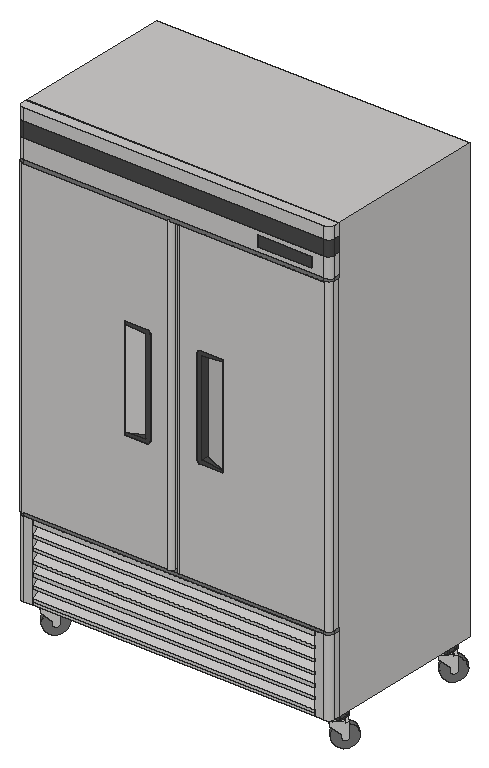
Revit family "QF_Turbo Air_TSF-35_49SD", category Specialty Equipment, Revit 2014
Parameters (values of type "TSR-49SD")
  Width = 54 3/8"
  Weight in Pounds = 457
  Watermarked By = "http://revitwatermark.com"
  Volts = 115 V
  URL Cutsheet = ""
  URL = ""
  Status [instance] = ""
  Specification by User [instance] = ""
  Specification by Manufacturer [instance] = ""
  Serial Number [instance] = ""
  Revision Code [instance] = ""
  Pressure Relief Valve [instance] = no
  Phase = 1
  Number of Poles [instance] = 1
  NAFEM Spec ID Number [instance] = ""
  Model = "TSF-49SD"
  Masterspec [instance] = ""
  Manufacturer = "Turbo Air"  # constant formula
  Legs [instance] = [6 Inch Legs]  # no
  Item Number [instance] = "-"
  Installed By [instance] = ""
  HP = "3/4"
  Furnished By [instance] = ""
  Foodservice Equipment Identifier = yes
  FL Amps = 10.5 A
  Electrical Remarks [instance] = ""
  Electric Connection Type [instance] = ""
  Elec Conn RI Height [instance] = 0"
  Elec Conn Connection Height = 77 7/8"
  Door Width = 25 1/2"
  Door Height = 54 1/2"
  Description = "Freezer, Reach-In"
  Depth = 30 3/8"
  Cycle = 60 Hz
  Conn Plug = "NEMA 5-15P"
  Casters [instance] = or([4 Inch Casters], [5 Inch Casters])  # yes
  CasterLeg Height [instance] = if([4 Inch Casters], 5", if([5 Inch Casters], 5 3/4", 6"))  # 5"
  Cabinet Height = 77"
  CSI MasterFormat = "11 41 13"
  Assembly Code = "E1090320"
  Apparent Power = if(Phase = 1, Volts * FL Amps * 1.73, Volts * FL Amps)  # 2088.97 VA
  6 Inch Legs [instance] = no
  5 Inch Casters [instance] = no
  4 Inch Casters [instance] = yes
Types (3): name | Width | Weight in Pounds | Pressure Relief Valve | Model | FL Amps | Door Width | Apparent Power
  (no name) | 54 3/8" | 457 | no | "TSF-49SD" | 10.5 A | 25 1/2" | 2088.97 VA
  TSR-35SD | 39 1/2" | 390 | yes | "TSF-35SD" | 10 A | 17 3/4" | 1989.5 VA
  TSR-49SD | 54 3/8" | 457 | no | "TSF-49SD" | 10.5 A | 25 1/2" | 2088.97 VA
Reference planes (in)
  plane 1 "BACK": y = 0
  plane 2 "BOTTOM": z = 0
  plane 3 "LEFT": x = -21.59155
  plane 4 "RIGHT": x = 32.78345
  plane 5 "FRONT": y = -30.375
  plane 6 "TOP": z = 83.25
  plane 7 "Bottom of Box": z = 6.25
  plane 8 "Back of Door": y = -28.375
  plane 9 "Bottom of Top Reach-In": z = 75.125
  plane 10 "Bottom of Door": z = 20.125
  plane 11 "Bottom of Bottom Reach-In": z = 6.75
  plane 12: z = 19.625
  plane 13: y = -0.25
  plane 14 "Top 1": z = 81.25
  plane 15 "Top 2": z = 78.625
  plane 16: z = 74.625
  plane 17: x = 5.59595
  plane 18: x = 5.84595
  plane 19: x = 5.34595
  plane 20: y = -55.875
  plane 21: z = 5
  plane 22: z = 84.375
Forms (in)
  Extrusion 1, solid, material "QF_Stainless-Polished-Brushed"
    sketch origin (0, -28.375, 0) x (1, 0, 0) y (0, 0, 1)
      loop
        line (-19.02905, 19.625) -> (-19.02905, 18.75) -> (30.22095, 18.75) -> (30.22095, 19.625) -> (-19.02905, 19.625)
    from 0 to 2
  Blend 2, solid, material "QF_Stainless-Polished-Brushed"
    base sketch origin (0, -28.375, 1.5) x (1, 0, 0) y (0, 0, 1)
      loop
        line (-19.02905, 17.25) -> (-19.02905, 15.25) -> (30.22095, 15.25) -> (30.22095, 17.25) -> (-19.02905, 17.25)
    top sketch origin (0, -28.375, 1.5) x (1, 0, 0) y (0, 0, 1)
      loop
        line (-19.02905, 15.25) -> (30.22095, 15.25) -> (30.22095, 15.75) -> (-19.02905, 15.75) -> (-19.02905, 15.25)
    from 0 to 2
  Blend 3, solid, material "QF_Stainless-Polished-Brushed"
    base sketch origin (0, -28.375, -0.5) x (1, 0, 0) y (0, 0, 1)
      loop
        line (-19.02905, 17.25) -> (-19.02905, 15.25) -> (30.22095, 15.25) -> (30.22095, 17.25) -> (-19.02905, 17.25)
    top sketch origin (0, -28.375, -0.5) x (1, 0, 0) y (0, 0, 1)
      loop
        line (-19.02905, 15.25) -> (30.22095, 15.25) -> (30.22095, 15.75) -> (-19.02905, 15.75) -> (-19.02905, 15.25)
    from 0 to 2
  Blend 4, solid, material "QF_Stainless-Polished-Brushed"
    base sketch origin (0, -28.375, -2.5) x (1, 0, 0) y (0, 0, 1)
      loop
        line (-19.02905, 17.25) -> (-19.02905, 15.25) -> (30.22095, 15.25) -> (30.22095, 17.25) -> (-19.02905, 17.25)
    top sketch origin (0, -28.375, -2.5) x (1, 0, 0) y (0, 0, 1)
      loop
        line (-19.02905, 15.25) -> (30.22095, 15.25) -> (30.22095, 15.75) -> (-19.02905, 15.75) -> (-19.02905, 15.25)
    from 0 to 2
  Blend 5, solid, material "QF_Stainless-Polished-Brushed"
    base sketch origin (0, -28.375, -4.5) x (1, 0, 0) y (0, 0, 1)
      loop
        line (-19.02905, 17.25) -> (-19.02905, 15.25) -> (30.22095, 15.25) -> (30.22095, 17.25) -> (-19.02905, 17.25)
    top sketch origin (0, -28.375, -4.5) x (1, 0, 0) y (0, 0, 1)
      loop
        line (-19.02905, 15.25) -> (30.22095, 15.25) -> (30.22095, 15.75) -> (-19.02905, 15.75) -> (-19.02905, 15.25)
    from 0 to 2
  Blend 6, solid, material "QF_Stainless-Polished-Brushed"
    base sketch origin (0, -28.375, -6.5) x (1, 0, 0) y (0, 0, 1)
      loop
        line (-19.02905, 17.25) -> (-19.02905, 15.25) -> (30.22095, 15.25) -> (30.22095, 17.25) -> (-19.02905, 17.25)
    top sketch origin (0, -28.375, -6.5) x (1, 0, 0) y (0, 0, 1)
      loop
        line (-19.02905, 15.25) -> (30.22095, 15.25) -> (30.22095, 15.75) -> (-19.02905, 15.75) -> (-19.02905, 15.25)
    from 0 to 2
  Blend 7, solid, material "QF_Stainless-Polished-Brushed"
    base sketch origin (0, -28.375, -8.5) x (1, 0, 0) y (0, 0, 1)
      loop
        line (-19.02905, 17.25) -> (-19.02905, 15.25) -> (30.22095, 15.25) -> (30.22095, 17.25) -> (-19.02905, 17.25)
    top sketch origin (0, -28.375, -8.5) x (1, 0, 0) y (0, 0, 1)
      loop
        line (-19.02905, 15.25) -> (30.22095, 15.25) -> (30.22095, 15.75) -> (-19.02905, 15.75) -> (-19.02905, 15.25)
    from 0 to 2
  Extrusion 8, solid, material "QF_Stainless-Polished-Brushed"
    sketch origin (0, 0, 0) x (1, 0, 0) y (0, 0, 1)
      loop
        circle (-17.71449, 77.3727) r 0.25
    from 0 to -0.25
  Extrusion 9, solid, material "QF_Stainless-Polished-Brushed"
    sketch origin (0, 0, 0) x (1, 0, 0) y (0, 0, 1)
      loop
        line (-21.59155, 83.25) -> (-21.59155, 19.625) -> (32.78345, 19.625) -> (32.78345, 83.25) -> (-21.59155, 83.25)
      loop
        line (30.78345, 20.125) -> (30.78345, 81.25) -> (-19.59155, 81.25) -> (-19.59155, 20.125) -> (30.78345, 20.125)
    from 0 to 28.375
  Extrusion 10, solid, material "QF_Stainless-Polished-Brushed"
    sketch origin (0, 0, 0) x (1, 0, 0) y (0, 0, 1)
      loop
        line (-19.59155, 81.25) -> (-19.59155, 20.125) -> (30.78345, 20.125) -> (30.78345, 81.25) -> (-19.59155, 81.25)
    from 0 to 0.25
  Extrusion 11, solid, material "QF_Stainless-Polished-Brushed"
    sketch origin (0, 0, 6.25) x (0, 1, 0) y (-1, 0, 0)
      loop
        line (0, 21.59155) -> (-28.375, 21.59155) -> (-28.375, -32.78345) -> (0, -32.78345) -> (0, 21.59155)
    from 0 to 13.375
  Extrusion 12, solid, material "QF_Stainless-Polished-Brushed"
    sketch origin (0, 0, 6.25) x (0, 1, 0) y (-1, 0, 0)
      loop
        line (-28.375, 21.59155) -> (-29.375, 21.59155)
        arc (-29.375, 21.59155) -> (-30.08211, 21.29865) -> (-30.375, 20.59155) r 1
        line (-30.375, 20.59155) -> (-30.375, 19.02905) -> (-28.375, 19.02905) -> (-28.375, 21.59155)
      loop
        line (-28.375, -32.78345) -> (-28.375, -30.22095) -> (-30.375, -30.22095) -> (-30.375, -31.78345)
        arc (-30.375, -31.78345) -> (-30.08211, -32.49056) -> (-29.375, -32.78345) r 1
        line (-29.375, -32.78345) -> (-28.375, -32.78345)
    from 0 to 13.375
  Extrusion 13, solid, material "QF_Stainless-Polished-Brushed"
    sketch origin (0, -30.375, 0) x (1, 0, 0) y (0, 0, 1)
      loop
        line (-19.02905, 6.75) -> (-19.02905, 6.25) -> (30.22095, 6.25) -> (30.22095, 6.75) -> (-19.02905, 6.75)
    from 0 to -2
  Extrusion 14, solid, material "QF_Stainless-Polished-Brushed"
    sketch origin (0, 0, 83.25) x (0, 1, 0) y (-1, 0, 0)
      loop
        line (-28.375, 21.59155) -> (-29.375, 21.59155)
        arc (-29.375, 21.59155) -> (-30.08211, 21.29865) -> (-30.375, 20.59155) r 1
        line (-30.375, 20.59155) -> (-30.375, -31.78345)
        arc (-30.375, -31.78345) -> (-30.08211, -32.49056) -> (-29.375, -32.78345) r 1
        line (-29.375, -32.78345) -> (-28.375, -32.78345) -> (-28.375, 21.59155)
    from 0 to -2
  Extrusion 15, solid, material "QF_Plastic-Black-Coarse"
    sketch origin (0, 0, 81.25) x (-1, 0, 0) y (0, -1, 0)
      loop
        line (21.59155, 28.375) -> (21.59155, 29.375)
        arc (21.59155, 29.375) -> (21.29865, 30.08211) -> (20.59155, 30.375) r 1
        line (20.59155, 30.375) -> (-31.78345, 30.375)
        arc (-31.78345, 30.375) -> (-32.49056, 30.08211) -> (-32.78345, 29.375) r 1
        line (-32.78345, 29.375) -> (-32.78345, 28.375) -> (21.59155, 28.375)
    from 0 to -2.625
  Extrusion 16, solid, material "QF_Stainless-Polished-Brushed"
    sketch origin (0, 0, 78.625) x (-1, 0, 0) y (0, -1, 0)
      loop
        line (21.59155, 28.375) -> (21.59155, 29.375)
        arc (21.59155, 29.375) -> (21.29865, 30.08211) -> (20.59155, 30.375) r 1
        line (20.59155, 30.375) -> (-31.78345, 30.375)
        arc (-31.78345, 30.375) -> (-32.49056, 30.08211) -> (-32.78345, 29.375) r 1
        line (-32.78345, 29.375) -> (-32.78345, 28.375) -> (21.59155, 28.375)
    from 0 to -3.5
  Extrusion 17, void
    sketch origin (0, -28.375, 0) x (1, 0, 0) y (0, 0, 1)
      loop
        line (20.15845, 77.75) -> (20.15845, 75.9375) -> (29.65845, 75.9375) -> (29.65845, 77.75) -> (20.15845, 77.75)
    from 0 to 2
  Extrusion 18, solid, material "QF_Plastic-Black-Coarse"
    sketch origin (0, -28.375, 0) x (1, 0, 0) y (0, 0, 1)
      loop
        line (20.15845, 77.75) -> (20.15845, 75.9375) -> (29.65845, 75.9375) -> (29.65845, 77.75) -> (20.15845, 77.75)
    from 0 to 2
  Extrusion 19, solid, material "QF_Plastic-Dark Gray"
    sketch origin (0, 0, 75.125) x (0, 1, 0) y (-1, 0, 0)
      loop
        line (-28.375, 21.59155) -> (-29.375, 21.59155)
        arc (-29.375, 21.59155) -> (-30.08211, 21.29865) -> (-30.375, 20.59155) r 1
        line (-30.375, 20.59155) -> (-30.375, -31.78345)
        arc (-30.375, -31.78345) -> (-30.08211, -32.49056) -> (-29.375, -32.78345) r 1
        line (-29.375, -32.78345) -> (-28.375, -32.78345) -> (-28.375, 21.59155)
    from 0 to -0.5
  Extrusion 20, solid, material "QF_Plastic-Dark Gray"
    sketch origin (0, 0, 20.125) x (0, 1, 0) y (-1, 0, 0)
      loop
        line (-28.375, 21.59155) -> (-29.375, 21.59155)
        arc (-29.375, 21.59155) -> (-30.08211, 21.29865) -> (-30.375, 20.59155) r 1
        line (-30.375, 20.59155) -> (-30.375, -31.78345)
        arc (-30.375, -31.78345) -> (-30.08211, -32.49056) -> (-29.375, -32.78345) r 1
        line (-29.375, -32.78345) -> (-28.375, -32.78345) -> (-28.375, 21.59155)
    from 0 to -0.5
  Extrusion 21, solid, material "QF_Plastic-Dark Gray"
    sketch origin (0, -28.375, 0) x (1, 0, 0) y (0, 0, 1)
      loop
        line (5.34595, 74.625) -> (5.34595, 20.125) -> (5.84595, 20.125) -> (5.84595, 74.625) -> (5.34595, 74.625)
    from 0 to 0.65786
  Extrusion 22, solid, material "QF_Plastic-Black-Coarse"
    sketch origin (-21.59155, 0, 0) x (0, 1, 0) y (0, 0, 1)
      loop
        line (-4, 5) -> (-2, 5) -> (-2, 6.25) -> (-2.125, 6.25) -> (-2.125, 5.125) -> (-3.875, 5.125) -> (-3.875, 6.25) -> (-4, 6.25) -> (-4, 5)
      loop
        line (-27.625, 5) -> (-25.625, 5) -> (-25.625, 6.25) -> (-25.75, 6.25) -> (-25.75, 5.125) -> (-27.5, 5.125) -> (-27.5, 6.25) -> (-27.625, 6.25) -> (-27.625, 5)
    from 0.5 to 53.875
  Extrusion 23, solid, material "QF_Stainless-Polished-Brushed", visible <- "Pressure Relief Valve"
    sketch origin (-0.5, 0.125, 83.25) x (0, 1, 0) y (-1, 0, 0)
      loop
        line (-13.27783, 16.52954) -> (-16.27783, 16.52954) -> (-16.27783, 13.52954) -> (-13.27783, 13.52954) -> (-13.27783, 16.52954)
    from 0 to 1.125
Cuts and joins
  joined: Extrusion 9, Extrusion 10, Extrusion 11
  Extrusion 17 cuts Extrusion 16
Lines and regions (in)
  symbolic lines
    curve 1: line (32.78345, 0, 6.75) -> (-21.59155, 0, 6.75)
    curve 2: line (-21.59155, 0, 6.75) -> (-21.59155, -28.375, 6.75)
    curve 3: line (32.78345, -28.375, 6.75) -> (32.78345, 0, 6.75)
    curve 4: line (32.78345, -29.375, 6.75) -> (32.78345, -28.375, 6.75)
    curve 5: arc (32.78345, -29.375, 6.75) -> (32.49056, -30.08211, 6.75) -> (31.78345, -30.375, 6.75) r 1
    curve 6: line (-20.59155, -30.375, 6.75) -> (31.78345, -30.375, 6.75)
    curve 7: arc (-20.59155, -30.375, 6.75) -> (-21.29865, -30.08211, 6.75) -> (-21.59155, -29.375, 6.75) r 1
    curve 8: line (-21.59155, -28.375, 6.75) -> (-21.59155, -29.375, 6.75)
  symbolic lines, style "QF_Details_Surface"
    curve 9: line (-21.59155, -28.375, 6.75) -> (32.78345, -28.375, 6.75)
  symbolic lines, style "QF_Clearances_Door_Drawer", detail levels coarse
    curve 10: line (-21.59155, -30.375, 75.125) -> (-21.59155, -55.875, 75.125)
    curve 11: line (32.78345, -30.375, 75.125) -> (32.78345, -55.875, 75.125)
    curve 14: arc (5.84595, -30.375, 75.125) -> (15.42373, -47.23531, 75.125) -> (32.78345, -55.875, 75.125) r 33.21657
    curve 15: arc (5.34595, -30.375, 75.125) -> (-4.23183, -47.23531, 75.125) -> (-21.59155, -55.875, 75.125) r 33.21657
  symbolic lines, style "QF_Clearances_Door_Drawer", detail levels medium+fine
    curve 12: line (32.78345, -30.375, 75.125) -> (5.84595, -30.375, 75.125)
    curve 13: line (5.34595, -30.375, 75.125) -> (-21.59155, -30.375, 75.125)
  symbolic lines, style "QF_Details_Surface", visible <- "Pressure Relief Valve"
    curve 16: line (-17.02954, -13.15283, 83.25) -> (-14.02954, -13.15283, 83.25)
    curve 17: line (-17.02954, -16.15283, 83.25) -> (-17.02954, -13.15283, 83.25)
    curve 18: line (-14.02954, -16.15283, 83.25) -> (-17.02954, -16.15283, 83.25)
    curve 19: line (-14.02954, -13.15283, 83.25) -> (-14.02954, -16.15283, 83.25)
Dimensions and locks (in)
  "Width": plane 4 "RIGHT" to plane 3 "LEFT"
  "Depth": plane 5 "FRONT" to plane 1 "BACK"
  locked: plane 3 "LEFT" to nested 1 at 2
  locked: nested 1 to plane 1 "BACK" at 3
  locked: nested 2 to plane 4 "RIGHT" at 2
  locked: nested 2 to plane 1 "BACK" at 3
  locked: plane 3 "LEFT" to nested 3 at 2
  locked: nested 4 to plane 4 "RIGHT" at 2
  locked: plane 8 "Back of Door" to plane 1 "BACK" at 28.375
  locked: plane 11 "Bottom of Bottom Reach-In" to plane 7 "Bottom of Box" at 0.5
  locked: plane 10 "Bottom of Door" to plane 11 "Bottom of Bottom Reach-In" at 13.375
  locked: plane 10 "Bottom of Door" to plane 12 at 0.5
  locked: Extrusion 1 sketch curve to Extrusion 1 sketch curve at 0.875
  "Cabinet Height": plane 6 "TOP" to plane 7 "Bottom of Box"
  locked: plane 1 "BACK" to plane 13 at 0.25
  locked: Extrusion 9 sketch curve to Extrusion 9 sketch curve at 2  (x3)
  locked: plane 6 "TOP" to plane 14 "Top 1" at 2
  locked: plane 14 "Top 1" to plane 15 "Top 2" at 2.625
  locked: plane 5 "FRONT" to nested 3 at 3.75
  locked: plane 5 "FRONT" to nested 4 at 3.75
  locked: Extrusion 17 sketch curve to plane 4 "RIGHT" at 3.125
  locked: Extrusion 17 sketch curve to Extrusion 17 sketch curve at 9.5
  locked: Extrusion 18 sketch curve to plane 4 "RIGHT" at 3.125
  locked: Extrusion 18 sketch curve to Extrusion 18 sketch curve at 9.5
  locked: plane 15 "Top 2" to Extrusion 18 sketch curve at 0.875
  locked: Extrusion 18 sketch curve to plane 9 "Bottom of Top Reach-In" at 0.8125
  locked: plane 15 "Top 2" to Extrusion 17 sketch curve at 0.875
  locked: Extrusion 17 sketch curve to plane 9 "Bottom of Top Reach-In" at 0.8125
  locked: plane 9 "Bottom of Top Reach-In" to plane 16 at 0.5
  "Door Height": plane 16 to plane 10 "Bottom of Door"
  equal spacing: plane 3 "LEFT", plane 17, plane 4 "RIGHT"
  equal spacing: plane 19, plane 17, plane 18
  locked: plane 19 to plane 18 at 0.5
  "Door Width": plane 20 to plane 5 "FRONT"
  locked: plane 7 "Bottom of Box" to plane 21 at 1.25
  "CasterLeg Height": plane 21 to level
  locked: Extrusion 22 sketch curve to plane 21 at 0.125  (x2)
  locked: plane 4 "RIGHT" to Extrusion 22 at 0.5
  locked: plane 22 to plane 6 "TOP" at 1.125
  aligned and locked: level to plane 2 "BOTTOM"
  aligned and locked: plane 5 "FRONT" to Extrusion 1
  aligned and locked: Blend 2 sketch curve to var sketch  (x2)
  aligned and locked: plane 5 "FRONT" to Blend 2
  aligned and locked: Blend 3 sketch curve to var sketch  (x2)
  aligned and locked: Blend 4 sketch curve to var sketch  (x2)
  aligned and locked: Blend 5 sketch curve to var sketch  (x2)
  aligned and locked: Blend 6 sketch curve to var sketch  (x2)
  aligned and locked: Blend 7 sketch curve to var sketch  (x2)
  aligned and locked: Extrusion 9 sketch curve to plane 4 "RIGHT"
  aligned and locked: plane 12 to Extrusion 9 sketch curve
  aligned and locked: Extrusion 10 sketch curve to Extrusion 9  (x4)
  aligned and locked: plane 13 to Extrusion 10
  aligned and locked: Extrusion 11 sketch curve to curve 1
  aligned and locked: Extrusion 11 sketch curve to curve 2
  aligned and locked: Extrusion 11 sketch curve to curve 3
  aligned and locked: plane 12 to Extrusion 11
  aligned and locked: Extrusion 12 sketch curve to plane 3 "LEFT"
  aligned and locked: Extrusion 12 sketch curve to plane 5 "FRONT"
  aligned and locked: Extrusion 12 sketch curve to plane 4 "RIGHT"
  aligned and locked: plane 5 "FRONT" to Extrusion 12 sketch curve
  aligned and locked: plane 12 to Extrusion 12
  aligned and locked: Extrusion 13 sketch curve to Blend 7  (x2)
  aligned and locked: Extrusion 13 sketch curve to Extrusion 12
  aligned and locked: Extrusion 12 to Extrusion 13 sketch curve
  aligned and locked: Extrusion 13 to plane 8 "Back of Door"
  aligned and locked: plane 8 "Back of Door" to Extrusion 9
  aligned and locked: Extrusion 14 sketch curve to curve 9
  aligned and locked: Extrusion 14 sketch curve to curve 2
  aligned and locked: Extrusion 14 sketch curve to plane 5 "FRONT"
  aligned and locked: Extrusion 14 sketch curve to plane 4 "RIGHT"
  aligned and locked: Extrusion 14 to plane 14 "Top 1"
  aligned and locked: Extrusion 15 sketch curve to plane 4 "RIGHT"
  aligned and locked: Extrusion 15 sketch curve to plane 5 "FRONT"
  aligned and locked: plane 8 "Back of Door" to Extrusion 15 sketch curve
  aligned and locked: plane 3 "LEFT" to Extrusion 15 sketch curve
  aligned and locked: Extrusion 15 to plane 15 "Top 2"
  aligned and locked: Extrusion 16 sketch curve to curve 9
  aligned and locked: Extrusion 16 sketch curve to curve 2
  aligned and locked: Extrusion 16 sketch curve to plane 5 "FRONT"
  aligned and locked: Extrusion 16 sketch curve to plane 4 "RIGHT"
  aligned and locked: Extrusion 16 to plane 9 "Bottom of Top Reach-In"
  aligned and locked: plane 5 "FRONT" to Extrusion 17
  aligned and locked: plane 5 "FRONT" to Extrusion 18
  aligned and locked: plane 5 "FRONT" to Blend 3
  aligned and locked: plane 5 "FRONT" to Blend 4
  aligned and locked: plane 5 "FRONT" to Blend 5
  aligned and locked: plane 5 "FRONT" to Blend 6
  aligned and locked: plane 5 "FRONT" to Blend 7
  aligned and locked: plane 19 to nested 5
  aligned and locked: plane 10 "Bottom of Door" to nested 5
  aligned and locked: plane 18 to nested 6
  aligned and locked: plane 4 "RIGHT" to nested 6
  aligned and locked: nested 6 to plane 10 "Bottom of Door"
  aligned and locked: Extrusion 19 sketch curve to curve 9
  aligned and locked: Extrusion 19 sketch curve to curve 2
  aligned and locked: Extrusion 19 sketch curve to nested 6  (x2)
  aligned and locked: Extrusion 19 to plane 16
  aligned and locked: Extrusion 20 sketch curve to curve 9
  aligned and locked: Extrusion 20 sketch curve to curve 2
  aligned and locked: Extrusion 20 sketch curve to nested 6  (x2)
  aligned and locked: Extrusion 20 to plane 12
  aligned and locked: nested 5 to Extrusion 21 sketch curve
  aligned and locked: Extrusion 21 sketch curve to nested 5
  aligned and locked: Extrusion 21 sketch curve to nested 6  (x2)
  aligned and locked: plane 20 to curve 15
  aligned and locked: plane 19 to curve 15
  aligned and locked: Extrusion 22 sketch curve to plane 7 "Bottom of Box"  (x4)
  aligned and locked: plane 21 to Extrusion 22 sketch curve  (x2)
  aligned and locked: plane 22 to Extrusion 23
Automatic sketch dimensions
  plane 3 "LEFT" to Blend 4 sketch curve = 2 9/16"
  Blend 4 sketch curve to plane 4 "RIGHT" = 2 9/16"
  plane 11 "Bottom of Bottom Reach-In" to Blend 4 sketch curve = 6"  (x2)
  Blend 4 sketch curve to Blend 4 sketch curve = 2"
  Blend 4 sketch curve to Blend 4 sketch curve = 1/2"
  plane 3 "LEFT" to Blend 5 sketch curve = 2 9/16"
  Blend 5 sketch curve to plane 4 "RIGHT" = 2 9/16"
  plane 11 "Bottom of Bottom Reach-In" to Blend 5 sketch curve = 4"  (x2)
  Blend 5 sketch curve to Blend 5 sketch curve = 2"
  Blend 5 sketch curve to Blend 5 sketch curve = 1/2"
  plane 3 "LEFT" to Blend 6 sketch curve = 2 9/16"
  Blend 6 sketch curve to plane 4 "RIGHT" = 2 9/16"
  plane 11 "Bottom of Bottom Reach-In" to Blend 6 sketch curve = 2"  (x2)
  Blend 6 sketch curve to Blend 6 sketch curve = 2"
  Blend 6 sketch curve to Blend 6 sketch curve = 1/2"
  Blend 7 sketch curve to plane 11 "Bottom of Bottom Reach-In" = 0"  (x2)
  plane 3 "LEFT" to Blend 7 sketch curve = 2 9/16"
  Blend 7 sketch curve to plane 4 "RIGHT" = 2 9/16"
  plane 11 "Bottom of Bottom Reach-In" to Blend 7 sketch curve = 2"
  plane 11 "Bottom of Bottom Reach-In" to Blend 7 sketch curve = 1/2"
  Extrusion 15 sketch curve to Extrusion 15 sketch curve = 1"
  plane 3 "LEFT" to Extrusion 15 sketch curve = 1"
  Extrusion 1 sketch curve to plane 12 = 0"
  plane 3 "LEFT" to Extrusion 1 sketch curve = 2 9/16"
  Extrusion 1 sketch curve to plane 4 "RIGHT" = 2 9/16"
  plane 3 "LEFT" to Blend 2 sketch curve = 2 9/16"
  Blend 2 sketch curve to plane 4 "RIGHT" = 2 9/16"
  Blend 2 sketch curve to plane 12 = 2 7/8"  (x2)
  Blend 2 sketch curve to plane 12 = 7/8"
  Blend 2 sketch curve to Blend 2 sketch curve = 1/2"
  plane 3 "LEFT" to Blend 3 sketch curve = 2 9/16"
  Blend 3 sketch curve to plane 4 "RIGHT" = 2 9/16"
  Blend 3 sketch curve to plane 12 = 4 7/8"  (x2)
  Blend 3 sketch curve to Blend 3 sketch curve = 2"
  Blend 3 sketch curve to Blend 3 sketch curve = 1/2"
  plane 5 "FRONT" to curve 7 = 0"
  curve 8 to plane 3 "LEFT" = 0"
  curve 4 to plane 4 "RIGHT" = 0"
  plane 8 "Back of Door" to curve 8 = 0"
  plane 1 "BACK" to curve 2 = 0"
  plane 3 "LEFT" to curve 7 = 1"
  curve 4 to plane 5 "FRONT" = 1"
  Extrusion 8 sketch curve to plane 15 "Top 2" = 1.2523"
  plane 3 "LEFT" to Extrusion 8 sketch curve = 3.87706"
  Extrusion 9 sketch curve to plane 3 "LEFT" = 0"
  Extrusion 9 sketch curve to plane 10 "Bottom of Door" = 0"
  Extrusion 9 sketch curve to plane 14 "Top 1" = 0"
  plane 8 "Back of Door" to Extrusion 11 sketch curve = 0"
  plane 8 "Back of Door" to Extrusion 12 sketch curve = 0"  (x2)
  Extrusion 12 sketch curve to Extrusion 12 sketch curve = 1"  (x2)
  Extrusion 12 sketch curve to Extrusion 12 sketch curve = 1 9/16"  (x2)
  Extrusion 14 sketch curve to plane 5 "FRONT" = 1"  (x2)
  Extrusion 16 sketch curve to plane 4 "RIGHT" = 1"
  plane 3 "LEFT" to Extrusion 16 sketch curve = 1"
  Extrusion 19 sketch curve to plane 5 "FRONT" = 1"  (x2)
  Extrusion 20 sketch curve to Extrusion 20 sketch curve = 1"
  Extrusion 20 sketch curve to plane 5 "FRONT" = 1"
  curve 15 to plane 3 "LEFT" = 0"
  curve 14 to plane 4 "RIGHT" = 0"
  plane 20 to curve 14 = 0"
  plane 5 "FRONT" to curve 12 = 0"
  plane 5 "FRONT" to curve 13 = 0"
  curve 12 to plane 18 = 0"
  plane 4 "RIGHT" to curve 14 = 5.47548"
  curve 15 to plane 3 "LEFT" = 5.47548"
  Extrusion 22 sketch curve to plane 8 "Back of Door" = 3/4"
  Extrusion 22 sketch curve to Extrusion 22 sketch curve = 1/8"  (x4)
  Extrusion 22 sketch curve to Extrusion 22 sketch curve = 1 3/4"  (x2)
  plane 13 to Extrusion 22 sketch curve = 3 3/4"
  plane 3 "LEFT" to Extrusion 23 sketch curve = 4.56201"
  Extrusion 23 sketch curve to plane 8 "Back of Door" = 12.22217"
  Extrusion 23 sketch curve to Extrusion 23 sketch curve = 3"  (x2)
  plane 3 "LEFT" to curve 18 = 4.56201"
  curve 18 to plane 8 "Back of Door" = 12.22217"
  curve 17 to curve 17 = 3"
  curve 19 to curve 17 = 3"
  radius of Extrusion 8 sketch curve = 1/4"
Nested families (in)
  nested 1: "FESCasterLeg" at (-19.59155, -3, 0), Height <- "CasterLeg Height", Legs <- "Legs", Casters <- "Casters", type "FESCasterLeg"
    with Legs no, Height 5", Casters yes, Caster Radius 2"
  nested 2: "FESCasterLeg" at (30.78345, -3, 0), Height <- "CasterLeg Height", Legs <- "Legs", Casters <- "Casters", type "FESCasterLeg"
    with Legs no, Height 5", Casters yes, Caster Radius 2"
  nested 3: "FESCasterLeg" at (-19.59155, -26.625, 0), Height <- "CasterLeg Height", Legs <- "Legs", Casters <- "Casters", type "FESCasterLeg"
    with Legs no, Height 5", Casters yes, Caster Radius 2"
  nested 4: "FESCasterLeg" at (30.78345, -26.625, 0), Height <- "CasterLeg Height", Legs <- "Legs", Casters <- "Casters", type "FESCasterLeg"
    with Legs no, Height 5", Casters yes, Caster Radius 2"
  nested 5: "QF_Turbo Air_RI_J_TS-Door" at (-9.83071, -28.5625, 20.125) x (-1, 0, 0) z (0, 0, 1), Height <- "Door Height", type "QF_Turbo Air_RI_J_TS-Door"
    with Width 26 15/16", Symbolic Lines yes, Height 54 1/2", Handle Height 17 11/16", Handle Center Height 27 1/4", Depth 1 13/16"
  nested 6: "QF_Turbo Air_RI_J_TS-Door" at (21.02262, -28.5625, 20.125), Height <- "Door Height", type "QF_Turbo Air_RI_J_TS-Door"
    with Width 26 15/16", Symbolic Lines yes, Height 54 1/2", Handle Height 17 11/16", Handle Center Height 27 1/4", Depth 1 13/16"
Connectors (in)
  electrical at (-17.71449, 0.25, 77.3727), driven by "Number of Poles", driven by "Volts", driven by "Apparent Power"
    settings: on Extrusion 8, index 1, voltage 115 V, apparent load 2088.97 VA, apparent load phase1 0 VA, apparent load phase2 0 VA, apparent load phase3 0 VA, power factor 1, load classification "Other", number of poles 1, system type 30, power factor state 1, is connector primary yes, connector utility no, sub classification motor no, connector description "ELECTRIC"
Definition of nested family "FESCasterLeg"
  Parameters (values of type "FESCasterLeg")
    Watermarked By = "http://revitwatermark.com"
    Type Comments = "⍁⍉⌁⌀⏭⎽⌇⍠⌜⍉⎖⌥⌦⌯⍭⏊⍻⍿⍊⏵⍊⏗⏠⍴⎡⌈⎀⍠⌓⌤⏘⎐⍀⌐⏬⏁⎈⏍⏦⎒⏬⌝⍩⍇⌣〈⎫〉⎁⏊⍥⍖⍥⍝⍦⌖⍀⏌⏭⎝⎼⏷⏞⍻⏯⎽⏷⏞⍻⏯⎽⏷⎺⌻⎝⍎⌧⏷⏟⏿⌿⍜⍦⍤⌁⍬⏶⏎⍊⏚⏉⎞⌡⎀⎪⏈⌟⌿⍾⍼⌟⌿⌢⌞⏜⏝⎽⍷⍷⍯⍧⍷⌯⍽⏸⏨⏾⏎⌣⏺⍹⏼⏅⎏⌽⎫⎪⍙⎓⏗⎗⏅⌴⍏⍏⍿⏑⎺⍘⌭⏲⍥⎛⎾⎾⍞⍌⎪⎲⌙⎥⏏⎟⎟⏼⏘⎏⎝⏧⏍⏁⍏⍧⏯⏾⌟"
    Legs [instance] = yes
    Height [instance] = 6"
    Caster Radius [instance] = if(Height < 3", 1", (Height / 2) - 1/2")  # 2 1/2"
    Casters [instance] = yes
    Assembly Code = ""
  Reference planes (in)
    plane 1 "Center (Front/Back)": y = 0
    plane 2: z = 0
    plane 3 "Center (Left/Right)": x = 0
    plane 4: z = 6
    plane 5: z = 5.5
  Forms (in)
    Extrusion 1, solid, material "QF_Stainless-Polished-Brushed", visible <- "Casters"
      sketch origin (-24.12131, -22.88887, 10.18833) x (0.707107, 0.707107, 0) y (0, 0, 1)
        loop
          line (34.98772, -7.68833) -> (34.98772, -4.93833) -> (34.48772, -4.93833) -> (34.39402, -4.68833) -> (32.39402, -4.68833) -> (32.39402, -5.43833) -> (33.98772, -7.34206) -> (33.98772, -7.68833)
          arc (33.98772, -7.68833) -> (34.48772, -8.18833) -> (34.98772, -7.68833) r 0.5
      from 0 to 1.75
    Extrusion 2, solid, material "QF_Rubber-Black", visible <- "Casters"
      sketch origin (-24.32327, -23.09083, 13.31461) x (0.707107, 0.707107, 0) y (0, 0, 1)
        loop
          circle (34.77334, -10.81461) r 2.5
      from 0.375 to 1.375
    Extrusion 3, solid, material "QF_Stainless-Polished-Brushed", visible <- "Casters"
      sketch origin (-7.24148, -8.48391, 0) x (0.707107, 0.707107, 0) y (0, 0, 1)
        loop
          line (10.61603, 5.5) -> (11.61603, 5.5) -> (11.61603, 6) -> (10.61603, 6) -> (10.61603, 5.5)
      from 0 to -1.75
    Blend 4, solid, material "QF_Stainless-Polished-Brushed", visible <- "Legs"
      base sketch origin (0, 0, 0) x (1, 0, 0) y (0, 1, 0)
        loop
          circle (0, 0) r 0.5
      top sketch origin (0, 0, 0) x (1, 0, 0) y (0, 1, 0)
        loop
          circle (0, 0) r 1
      from 0 to 6 <- "Height"
  Lines and regions (in)
    symbolic lines, style "QF_Hidden Details", visible <- "Casters", built-in parameter 1006206 <- "Casters"
      curve 1: line (-1.26158, -0.51911, 0) -> (1.39007, 2.13254, 0)
      curve 2: line (-0.53429, -1.24639, 0) -> (2.11736, 1.40526, 0)
    symbolic lines, style "QF_Hidden Details", built-in parameter 1006206 <- "Casters", visible <- "Casters"
      curve 3: line (-1.26158, -0.51911, 0) -> (1.39007, 2.13254, 0)
      curve 4: line (-0.53429, -1.24639, 0) -> (2.11736, 1.40526, 0)
  Dimensions and locks (in)
    locked: plane 4 to plane 5 at 0.5
    "Height": plane 4 to level
    "Caster Radius": Extrusion 2 sketch curve to level
    "Caster Radius": Extrusion 1 sketch curve to level
    "Caster Radius": radius of Extrusion 2 sketch curve
    aligned and locked: plane 2 to level
    aligned: Blend 4 to Extrusion 3
    aligned and locked: plane 4 to Blend 4
    aligned and locked: Extrusion 3 to plane 5
    aligned and locked: plane 4 to Extrusion 3
    aligned and locked: plane 5 to Extrusion 1
  Automatic sketch dimensions
    plane 1 "Center (Front/Back)" to curve 3 = 0.51911"
    curve 3 to plane 3 "Center (Left/Right)" = 1.26158"
    plane 1 "Center (Front/Back)" to curve 1 = 0.51911"
    curve 1 to curve 3 = 0"  (x3)
    curve 4 to plane 3 "Center (Left/Right)" = 0.53429"
    curve 2 to curve 4 = 0"  (x2)
    plane 3 "Center (Left/Right)" to curve 3 = 1.39007"
    curve 1 to curve 4 = 0.72729"
    curve 2 to curve 1 = 0.72729"
    curve 4 to curve 2 = 0"  (x2)
    curve 2 to plane 1 "Center (Front/Back)" = 1.40526"
    curve 2 to curve 3 = 0.72729"
    plane 5 to Extrusion 1 sketch curve = 0"
    Extrusion 1 sketch curve to Extrusion 1 sketch curve = 1.5937"
    Extrusion 1 sketch curve to Extrusion 1 sketch curve = 2"
    Extrusion 1 sketch curve to Extrusion 1 sketch curve = 0.0937"
    Extrusion 1 sketch curve to Extrusion 1 sketch curve = 1/2"
    Extrusion 1 sketch curve to Extrusion 1 sketch curve = 0.34627"
    Extrusion 1 sketch curve to plane 5 = 3/4"
    Extrusion 1 sketch curve to plane 5 = 1/4"
    Extrusion 3 sketch curve to plane 5 = 0"
    plane 4 to Extrusion 3 sketch curve = 0"
    Extrusion 3 sketch curve to Extrusion 3 sketch curve = 1"
    plane 1 "Center (Front/Back)" to Blend 4 sketch curve = 0"  (x2)
    Blend 4 sketch curve to plane 3 "Center (Left/Right)" = 0"  (x2)
    radius of Blend 4 sketch curve = 1/2"
    radius of Blend 4 sketch curve = 1"
Definition of nested family "QF_Turbo Air_RI_J_TS-Door"
  Parameters (values of type "QF_Turbo Air_RI_J_TS-Door")
    Width [instance] = 28 3/4"
    Watermarked By = "http://revitwatermark.com"
    Symbolic Lines [instance] = yes
    Manufacturer = "Turbo Air"  # constant formula
    Height [instance] = 63 1/4"
    Handle Height [instance] = 17 11/16"
    Handle Center Height [instance] = 34 13/16"
    Depth [instance] = 1 13/16"
  Reference planes (in)
    plane 1 "BACK": y = 0
    plane 2: z = 0
    plane 3 "LEFT": x = -15.17667
    plane 4: x = 13.57333
    plane 5 "FRONT": y = -1.8125
    plane 6: z = 63.25
    plane 7 "Top of Handle": z = 43.65625
    plane 8 "Bottom of Handle": z = 25.96875
    plane 9 "Center of Handle": z = 34.8125
    plane 10 "Left of Handle": x = -11.36417
    plane 11 "Right of Handle": x = -6.86417
  Forms (in)
    Extrusion 1, solid, material "QF_Stainless-Polished-Brushed"
      sketch origin (0, 0, 0) x (1, 0, 0) y (0, 0, 1)
        loop
          line (-15.17667, 63.25) -> (-15.17667, 0) -> (13.57333, 0) -> (13.57333, 63.25) -> (-15.17667, 63.25)
        loop
          arc (-10.80167, 43.65625) -> (-11.19941, 43.4915) -> (-11.36417, 43.09375) r 0.5625
          line (-11.36417, 43.09375) -> (-11.36417, 26.53125)
          arc (-11.36417, 26.53125) -> (-11.19941, 26.1335) -> (-10.80167, 25.96875) r 0.5625
          line (-10.80167, 25.96875) -> (-6.86417, 25.96875) -> (-6.86417, 43.65625) -> (-10.80167, 43.65625)
      from 0 to 1.8125
    Extrusion 2, solid, material "QF_Plastic-Black-Coarse"
      sketch origin (0, 0, 0) x (1, 0, 0) y (0, 0, 1)
        loop
          arc (-10.80167, 43.65625) -> (-11.19941, 43.4915) -> (-11.36417, 43.09375) r 0.5625
          line (-11.36417, 43.09375) -> (-11.36417, 26.53125)
          arc (-11.36417, 26.53125) -> (-11.19941, 26.1335) -> (-10.80167, 25.96875) r 0.5625
          line (-10.80167, 25.96875) -> (-6.86417, 25.96875) -> (-6.86417, 26.34375) -> (-10.55167, 26.66636) -> (-10.55167, 42.95864) -> (-6.86417, 43.28125) -> (-6.86417, 43.65625) -> (-10.80167, 43.65625)
      from 0 to 1.8125
    Extrusion 3, solid, material "QF_Stainless-Polished-Brushed"
      sketch origin (0, 0, 25.96875) x (0, 1, 0) y (-1, 0, 0)
        loop
          line (-1.8125, 6.86417) -> (0, 6.86417) -> (0, 10.55167) -> (-0.47036, 10.55167) -> (-1.8125, 6.86417)
      from 0.375 to 17.3125
    Extrusion 4, void
      sketch origin (0, 0, 0) x (1, 0, 0) y (0, 1, 0)
        loop
          line (-15.17667, -1) -> (-15.17667, -1.8125) -> (-14.36417, -1.8125)
          arc (-14.36417, -1.8125) -> (-14.93869, -1.57452) -> (-15.17667, -1) r 0.8125
        loop
          arc (13.57333, -1) -> (13.33536, -1.57452) -> (12.76083, -1.8125) r 0.8125
          line (12.76083, -1.8125) -> (13.57333, -1.8125) -> (13.57333, -1)
      from 0 to 63.25
  Cuts and joins
    Extrusion 4 cuts Extrusion 1
  Lines and regions (in)
    symbolic lines, visible <- "Symbolic Lines"
      curve 1: line (13.57333, 0, 25.96875) -> (-15.17667, 0, 25.96875)
      curve 2: line (-15.17667, 0, 25.96875) -> (-15.17667, -1, 25.96875)
      curve 3: line (-14.36417, -1.8125, 25.96875) -> (12.76083, -1.8125, 25.96875)
      curve 4: line (13.57333, -1, 25.96875) -> (13.57333, 0, 25.96875)
      curve 5: arc (-14.36417, -1.8125, 0) -> (-14.93869, -1.57452, 0) -> (-15.17667, -1, 0) r 0.8125
      curve 6: arc (13.57333, -1, 0) -> (13.33536, -1.57452, 0) -> (12.76083, -1.8125, 0) r 0.8125
  Dimensions and locks (in)
    "Width": plane 4 to plane 3 "LEFT"
    "Depth": plane 5 "FRONT" to plane 1 "BACK"
    "Height": plane 6 to plane 2
    "Handle Height": plane 7 "Top of Handle" to plane 8 "Bottom of Handle"
    equal spacing: plane 7 "Top of Handle", plane 9 "Center of Handle", plane 8 "Bottom of Handle"
    "Handle Center Height": plane 9 "Center of Handle" to level
    locked: plane 3 "LEFT" to plane 10 "Left of Handle" at 3.8125
    locked: plane 10 "Left of Handle" to plane 11 "Right of Handle" at 4.5
    locked: Extrusion 2 sketch curve to plane 10 "Left of Handle" at 0.8125
    locked: Extrusion 2 sketch curve to plane 8 "Bottom of Handle" at 0.69761
    locked: Extrusion 2 sketch curve to plane 8 "Bottom of Handle" at 0.375
    locked: plane 7 "Top of Handle" to Extrusion 2 sketch curve at 0.375
    locked: plane 7 "Top of Handle" to Extrusion 2 sketch curve at 0.69761
    locked: plane 7 "Top of Handle" to Extrusion 3 at 0.375
    locked: Extrusion 3 to plane 8 "Bottom of Handle" at 0.375
    locked: plane 5 "FRONT" to Extrusion 3 sketch curve at 1.34214
    locked: plane 10 "Left of Handle" to Extrusion 3 sketch curve at 0.8125
    locked: plane 5 "FRONT" to Extrusion 4 sketch curve at 0.8125  (x2)
    locked: plane 3 "LEFT" to Extrusion 4 sketch curve at 0.8125
    locked: Extrusion 4 sketch curve to plane 4 at 0.8125
    aligned and locked: level to plane 2
    aligned and locked: Extrusion 1 sketch curve to plane 6
    aligned and locked: plane 3 "LEFT" to Extrusion 1 sketch curve
    aligned and locked: level to Extrusion 1 sketch curve
    aligned and locked: Extrusion 1 sketch curve to plane 4
    aligned and locked: Extrusion 1 sketch curve to plane 7 "Top of Handle"
    aligned and locked: plane 10 "Left of Handle" to Extrusion 1 sketch curve
    aligned and locked: plane 8 "Bottom of Handle" to Extrusion 1 sketch curve
    aligned and locked: Extrusion 1 sketch curve to plane 11 "Right of Handle"
    aligned and locked: plane 5 "FRONT" to Extrusion 1
    aligned and locked: plane 8 "Bottom of Handle" to Extrusion 2 sketch curve
    aligned and locked: plane 10 "Left of Handle" to Extrusion 2 sketch curve
    aligned and locked: Extrusion 2 sketch curve to plane 7 "Top of Handle"
    aligned and locked: Extrusion 2 sketch curve to plane 11 "Right of Handle"
    aligned and locked: plane 11 "Right of Handle" to Extrusion 2 sketch curve
    aligned and locked: plane 5 "FRONT" to Extrusion 2
    aligned and locked: plane 1 "BACK" to Extrusion 3 sketch curve
    aligned and locked: plane 5 "FRONT" to Extrusion 3 sketch curve
    aligned and locked: Extrusion 3 sketch curve to plane 11 "Right of Handle"
    aligned and locked: Extrusion 4 sketch curve to plane 5 "FRONT"
    aligned and locked: plane 5 "FRONT" to Extrusion 4 sketch curve
    aligned and locked: plane 6 to cut or joined group of Extrusion 1, Extrusion 4
    aligned and locked: curve 5 to cut or joined group of Extrusion 1, Extrusion 4
    aligned and locked: curve 6 to cut or joined group of Extrusion 1, Extrusion 4
  Automatic sketch dimensions
    plane 10 "Left of Handle" to Extrusion 1 sketch curve = 9/16"  (x2)
    Extrusion 2 sketch curve to Extrusion 2 sketch curve = 0.13511"  (x2)
    curve 2 to curve 1 = 1"
    plane 3 "LEFT" to curve 3 = 13/16"
    plane 5 "FRONT" to curve 3 = 0"
    curve 4 to plane 4 = 0"
    curve 4 to curve 1 = 1"
    curve 3 to plane 4 = 13/16"
    curve 2 to plane 3 "LEFT" = 0"
    plane 1 "BACK" to curve 2 = 0"
